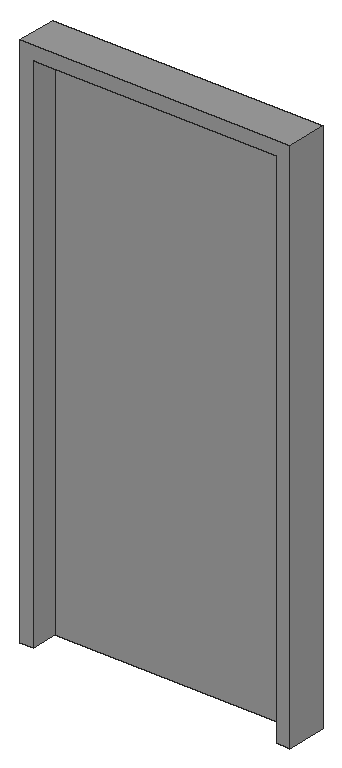
Revit family "TimberDoor-SinglePanel_FullJamb", category Doors, host Wall, Revit 2015
Parameters (values of type "2000h x 1000w")
  Website (Personal) [instance] = "http://revit.sg"
  JOIN ME!- Revit.SG = "http://revit.sg/signup_form.html"
  Function = Interior
  Frame Projection Ext. = 25 mm
  Frame Projection Int. = 25 mm
  Frame Width = 75 mm
  Height = 2000 mm
  Wall Closure = By host
  Width = 1000 mm
  Creator [instance] = "Gary Lim"  # constant formula
Types (3, lengths in mm): name | Website (Personal) | JOIN ME!- Revit.SG | Height | Width
  (no name) | "http://revit.sg" | "http://revit.sg/signup_form.html" | 2000 | 1000
  2000h x 1000w | "http://revit.sg" | "http://revit.sg/signup_form.html" | 2000 | 1000
  2200h x 1200w | "" | "" | 2200 | 1200
Reference planes
  plane 1: y = 0
  plane 2 "Center (Left/Right)": x = 0
  plane 3 "Left": x = -500
  plane 4 "Right": x = 500
  plane 5: z = 2000
  plane 6 "Exterior": y = 75
  plane 7 "Interior": y = -75
  plane 8: z = 1000
Forms (mm)
  Sweep 1, solid, material "Wood"
    path origin (0, 75, 0) x (1, 0, 0) y (0, 0, 1)
      loop
        line (500, 0) -> (500, 2000) -> (-500, 2000) -> (-500, 0)
    profile origin (500, 75, 1000) x (-1, 0, 0) y (0, -1, 0)
      loop
        line (0, 0) -> (50, 0) -> (50, 150) -> (0, 150) -> (0, 0)
  Extrusion 2, solid, material "Wood"
    sketch origin (0, 75, 0) x (1, 0, 0) y (0, 0, 1)
      loop
        line (450, 1950) -> (-450, 1950) -> (-450, 0) -> (450, 0) -> (450, 1950)
    from 0 to 50
Lines and regions (mm)
  Opening 1
    outline origin (-3050, -75, 0) x (1, 0, 0) y (0, 0, 1)
      loop
        line (2550, 0) -> (3550, 0) -> (3550, 2000) -> (2550, 2000) -> (2550, 0)
  symbolic lines, style "Elevation Swing"
    curve 1: arc (400, 925, 0) -> (-201.041, 676.041, 0) -> (-450, 75, 0) r 850
    curve 6: line (-450, 75, 0) -> (450, 75, 1000)
    curve 7: line (450, 75, 1000) -> (-450, 75, 1950)
  symbolic lines, style "DoorsPanelProjection"
    curve 2: line (450, 75, 0) -> (400, 75, 0)
    curve 3: line (450, 925, 0) -> (450, 75, 0)
    curve 4: line (400, 925, 0) -> (450, 925, 0)
    curve 5: line (400, 75, 0) -> (400, 925, 0)
Text (mm)
  text "Exterior" at (-2295.016, 1099.543, 0), in view "Ref. Level"
  text "Exterior" at (0, 1615.38, 3698.081), in view "Left"
  text "Exterior" at (0, 1036.032, 3874.932), in view "Right"
Dimensions and locks
  equal spacing: plane 3 "Left", plane 2 "Center (Left/Right)", plane 4 "Right"
  "Width": plane 3 "Left" to plane 4 "Right"
  "Height": plane 5 to host wall
  host wall to plane 5 = 2000 mm  (x2)
  locked: plane 6 "Exterior" to host wall at 0
  locked: plane 7 "Interior" to host wall
  equal spacing: level, plane 8, plane 5
  aligned and locked: plane 3 "Left" to Opening 1 sketch curve
  aligned and locked: plane 5 to Opening 1 sketch curve  (x2)
  aligned and locked: Opening 1 sketch curve to plane 4 "Right"
  aligned and locked: Opening 1 sketch curve to level
  aligned and locked: plane 1 to host wall
  aligned and locked: Sweep 1 sketch curve to host wall
  aligned and locked: Extrusion 2 sketch curve to Sweep 1  (x3)
  aligned and locked: Sweep 1 to Extrusion 2 sketch curve
  aligned and locked: host wall to Extrusion 2
  aligned and locked: Extrusion 2 to curve 1
  aligned and locked: curve 7 to Sweep 1  (x2)
  aligned and locked: Sweep 1 to curve 6
  aligned and locked: plane 8 to curve 6
  aligned and locked: Sweep 1 sketch curve to plane 6 "Exterior"
  aligned and locked: plane 7 "Interior" to Sweep 1 sketch curve
Automatic sketch dimensions
  plane 3 "Left" to Sweep 1 sketch curve = 0 mm
  plane 4 "Right" to Sweep 1 sketch curve = 0 mm
  Sweep 1 sketch curve to level = 0 mm  (x2)
  Sweep 1 sketch curve to plane 5 = 0 mm
  Sweep 1 sketch curve to profile plane = 50 mm
  curve 1 to plane 3 "Left" = 50 mm
  plane 4 "Right" to curve 2 = 100 mm
  curve 1 to curve 3 = 50 mm
  curve 5 to host wall = 0 mm
  curve 6 to level = 0 mm
  plane 5 to curve 7 = 50 mm
